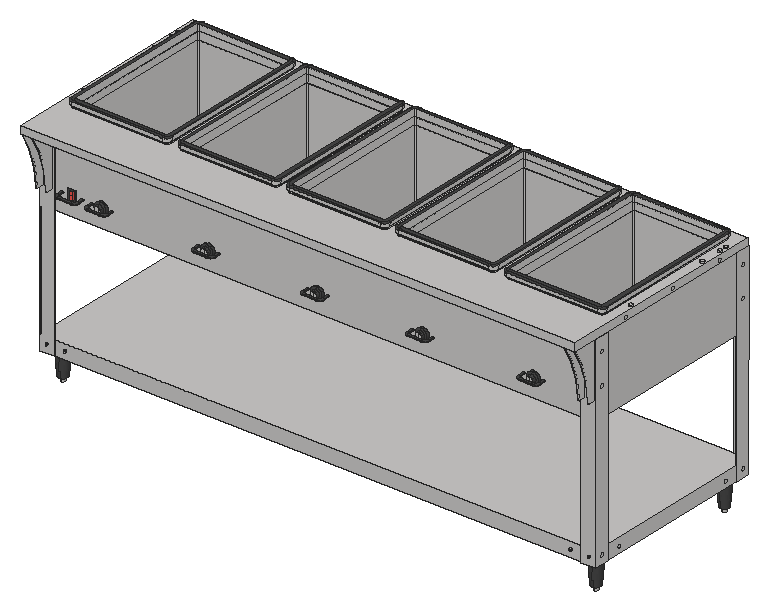
Revit family "QF_VOLLRATH_38219_SERVEWELL_SL_HOT_FOOD_TABLE", category Specialty Equipment, Revit 2022 (continued)
Definition of nested family "QF_VOLLRATH_38203"
  Automatic sketch dimensions
    Extrusion 3 sketch curve to plane 1 "BACK" = 1/16"  (x2)
    plane 4 "RIGHT" to Extrusion 3 sketch curve = 1 15/16"  (x2)
    Extrusion 3 sketch curve to plane 4 "RIGHT" = 1/16"  (x2)
    Extrusion 3 sketch curve to Extrusion 3 sketch curve = 1 15/16"
    plane 10 to Extrusion 3 sketch curve = 1 15/16"
    plane 1 "BACK" to Extrusion 3 sketch curve = 1 15/16"  (x2)
    plane 1 "BACK" to Extrusion 4 sketch curve = 0"
    Extrusion 4 sketch curve to plane 4 "RIGHT" = 0"
    Extrusion 4 sketch curve to plane 3 "LEFT" = 0"
    Extrusion 4 sketch curve to plane 10 = 0"
    plane 12 to Sweep 5 sketch curve = 0.008"
    plane 12 to Sweep 5 sketch curve = 0.508"  (x2)
    plane 10 to Sweep 5 sketch curve = 3.10363"
    Sweep 5 sketch curve to Sweep 5 sketch curve = 12 13/32"  (x2)
    plane 1 "BACK" to Sweep 5 sketch curve = 1.14637"
    Sweep 5 sketch curve to Sweep 5 sketch curve = 1/2"
    Sweep 5 sketch curve to profile plane = 0"
    profile plane to Sweep 5 sketch curve = 1/32"
    Sweep 5 sketch curve to Sweep 5 sketch curve = 11/32"
    Sweep 5 sketch curve to profile plane = 0.08859"
    Sweep 5 sketch curve to profile plane = 0.21124"
    Sweep 5 sketch curve to Sweep 5 sketch curve = 0.00751"
    level to Sweep 5 sketch curve = 21 225/256"
    Sweep 5 sketch curve to Sweep 5 sketch curve = 11.21753"
    Sweep 5 sketch curve to Sweep 5 sketch curve = 0.19131"
    Sweep 5 sketch curve to Sweep 5 sketch curve = 0.43234"
    plane 5 "FRONT" to Extrusion 6 sketch curve = 13.4333"
    Extrusion 6 sketch curve to plane 5 "FRONT" = 0.11477"
    Extrusion 6 sketch curve to plane 10 = 0.80842"
    Extrusion 6 sketch curve to plane 10 = 1/16"
    Extrusion 6 sketch curve to plane 6 "TOP" = 10.27256"
    Extrusion 6 sketch curve to plane 6 "TOP" = 9.59817"
    Extrusion 6 sketch curve to Extrusion 6 sketch curve = 1/4"
    Extrusion 6 sketch curve to plane 6 "TOP" = 1.94773"
    plane 5 "FRONT" to Extrusion 7 sketch curve = 13.4333"
    Extrusion 7 sketch curve to plane 5 "FRONT" = 0.11477"
    Extrusion 7 sketch curve to plane 10 = 0.80842"
    Extrusion 7 sketch curve to plane 10 = 1/16"
    Extrusion 7 sketch curve to plane 6 "TOP" = 10.27256"
    Extrusion 7 sketch curve to plane 6 "TOP" = 9.59817"
    Extrusion 7 sketch curve to Extrusion 7 sketch curve = 1/4"
    Extrusion 7 sketch curve to plane 6 "TOP" = 1.94773"
    Revolve 8 sketch curve to plane 10 = 0"
    Revolve 8 sketch curve to plane 10 = 0.30475"
    Revolve 8 sketch curve to Revolve 8 sketch curve = 0.13723"
    Revolve 8 sketch curve to Revolve 8 sketch curve = 0.30802"
    Revolve 8 sketch curve to plane 6 "TOP" = 9.55549"
    Revolve 8 sketch curve to Revolve 8 sketch curve = 0.41678"
    Revolve 8 sketch curve to Revolve 8 sketch curve = 0.08253"
    Revolve 8 sketch curve to Revolve 8 sketch curve = 0.3109"
    Revolve 8 sketch curve to plane 10 = 0.12717"
    Revolve 8 sketch curve to Revolve 8 sketch curve = 1/16"
    Revolve 8 sketch curve to Revolve 8 sketch curve = 0"
    Sweep 9 sketch curve to plane 10 = 0"  (x2)
    Sweep 9 sketch curve to plane 10 = 0.83521"
    plane 12 to Sweep 9 sketch curve = 5 1/2"
    Sweep 9 sketch curve to Sweep 9 sketch curve = 0.41479"
    Sweep 9 sketch curve to plane 10 = 107/128"
    Sweep 9 sketch curve to Sweep 9 sketch curve = 1.92114"
    Sweep 9 sketch curve to profile plane = 0"
    level to Sweep 9 sketch curve = 24 7/16"
    Revolve 10 sketch curve to plane 10 = 0"
    Revolve 10 sketch curve to plane 10 = 0.30475"
    Revolve 10 sketch curve to Revolve 10 sketch curve = 0.13723"
    Revolve 10 sketch curve to Revolve 10 sketch curve = 0.30802"
    Revolve 10 sketch curve to plane 6 "TOP" = 9.55549"
    Revolve 10 sketch curve to Revolve 10 sketch curve = 0.41678"
    Revolve 10 sketch curve to Revolve 10 sketch curve = 0.08253"
    Revolve 10 sketch curve to Revolve 10 sketch curve = 0.3109"
    Revolve 10 sketch curve to plane 10 = 0.12717"
    Revolve 10 sketch curve to Revolve 10 sketch curve = 1/16"
    Revolve 10 sketch curve to Revolve 10 sketch curve = 0"
    Sweep 11 sketch curve to plane 10 = 0"  (x2)
    Sweep 11 sketch curve to plane 10 = 0.83521"
    Sweep 11 sketch curve to plane 7 "Center Y" = 16.37852"
    Sweep 11 sketch curve to Sweep 11 sketch curve = 0.41479"
    Sweep 11 sketch curve to plane 10 = 107/128"
    Sweep 11 sketch curve to Sweep 11 sketch curve = 1.92114"
    Sweep 11 sketch curve to profile plane = 0"
    level to Sweep 11 sketch curve = 24 7/16"
    Revolve 12 sketch curve to plane 10 = 0"
    Revolve 12 sketch curve to plane 10 = 0.30475"
    Revolve 12 sketch curve to Revolve 12 sketch curve = 0.13723"
    Revolve 12 sketch curve to Revolve 12 sketch curve = 0.30802"
    Revolve 12 sketch curve to plane 6 "TOP" = 8.74527"
    Revolve 12 sketch curve to Revolve 12 sketch curve = 0.3109"
    Revolve 12 sketch curve to Revolve 12 sketch curve = 0.08253"
    Revolve 12 sketch curve to Revolve 12 sketch curve = 0.41678"
    Revolve 12 sketch curve to plane 10 = 0.12717"
    Revolve 12 sketch curve to Revolve 12 sketch curve = 1/16"
    Revolve 12 sketch curve to Revolve 12 sketch curve = 0"
    Sweep 13 sketch curve to plane 10 = 0"  (x2)
    Sweep 13 sketch curve to plane 10 = 0.83521"
    plane 7 "Center Y" to Sweep 13 sketch curve = 15 11/16"
    Sweep 13 sketch curve to Sweep 13 sketch curve = 0.41479"
    Sweep 13 sketch curve to plane 10 = 107/128"
    Sweep 13 sketch curve to Sweep 13 sketch curve = 1.92114"
    Sweep 13 sketch curve to profile plane = 0"
    level to Sweep 13 sketch curve = 24 7/16"
    Extrusion 2 to Extrusion 14 sketch curve = 1.87224"
    Extrusion 2 to Extrusion 14 sketch curve = 3.81326"
    Extrusion 14 sketch curve to Extrusion 14 sketch curve = 0.29169"
    Extrusion 14 sketch curve to Extrusion 14 sketch curve = 0.41524"
    Extrusion 14 sketch curve to Extrusion 14 sketch curve = 0.29307"
    Extrusion 14 sketch curve to Extrusion 14 sketch curve = 0.27955"
    Extrusion 14 sketch curve to Extrusion 14 sketch curve = 1 1/64"
    Extrusion 14 sketch curve to Extrusion 14 sketch curve = 0.20483"
    Extrusion 15 sketch curve to Extrusion 14 = 0"  (x2)
    Extrusion 15 sketch curve to Extrusion 14 = 0.06481"
    Extrusion 15 sketch curve to Extrusion 14 = 0.46361"
    Extrusion 14 to Extrusion 15 sketch curve = 0.00006"
    Extrusion 15 sketch curve to Extrusion 14 = 0.14238"
    Sweep 16 sketch curve to plane 10 = 0"  (x2)
    Sweep 16 sketch curve to plane 10 = 0.83521"
    plane 12 to Sweep 16 sketch curve = 1 15/32"
    Sweep 16 sketch curve to Sweep 16 sketch curve = 0.41479"
    Sweep 16 sketch curve to plane 10 = 107/128"
    Sweep 16 sketch curve to Sweep 16 sketch curve = 1.92114"
    Sweep 16 sketch curve to profile plane = 0"
    level to Sweep 16 sketch curve = 24 7/16"
    Split face 1 sketch curve to cut or joined group of Extrusion 2, Extrusion 3, Extrusion 4 = 4.12648"
    Split face 1 sketch curve to Split face 1 sketch curve = 7/16"
    cut or joined group of Extrusion 2, Extrusion 3, Extrusion 4 to Split face 1 sketch curve = 7.43183"
    Split face 1 sketch curve to Split face 1 sketch curve = 1"
    Split face 2 sketch curve to cut or joined group of Extrusion 2, Extrusion 3, Extrusion 4 = 3.3811"
    cut or joined group of Extrusion 2, Extrusion 3, Extrusion 4 to Split face 2 sketch curve = 7.88431"
    Split face 3 sketch curve to cut or joined group of Extrusion 2, Extrusion 3, Extrusion 4 = 4.12648"
    Split face 3 sketch curve to Split face 3 sketch curve = 7/16"
    cut or joined group of Extrusion 2, Extrusion 3, Extrusion 4 to Split face 3 sketch curve = 35.50567"
    Split face 3 sketch curve to Split face 3 sketch curve = 1"
    Split face 4 sketch curve to Split face 4 sketch curve = 0"  (x2)
    Split face 4 sketch curve to cut or joined group of Extrusion 2, Extrusion 3, Extrusion 4 = 3.3811"
    cut or joined group of Extrusion 2, Extrusion 3, Extrusion 4 to Split face 4 sketch curve = 35.02194"
    Split face 4 sketch curve to Split face 4 sketch curve = 0.16586"
    Split face 5 sketch curve to cut or joined group of Extrusion 2, Extrusion 3, Extrusion 4 = 4.12648"
    Split face 5 sketch curve to Split face 5 sketch curve = 7/16"
    cut or joined group of Extrusion 2, Extrusion 3, Extrusion 4 to Split face 5 sketch curve = 20.88067"
    Split face 5 sketch curve to Split face 5 sketch curve = 1"
    Split face 6 sketch curve to Split face 6 sketch curve = 0"  (x2)
    Split face 6 sketch curve to cut or joined group of Extrusion 2, Extrusion 3, Extrusion 4 = 3.3811"
    cut or joined group of Extrusion 2, Extrusion 3, Extrusion 4 to Split face 6 sketch curve = 20.38132"
    Split face 6 sketch curve to Split face 6 sketch curve = 0.16586"
    Split face 7 sketch curve to cut or joined group of Extrusion 2, Extrusion 3, Extrusion 4 = 3.21492"
    Split face 7 sketch curve to Split face 7 sketch curve = 3/32"  (x2)
    Split face 7 sketch curve to Split face 7 sketch curve = 1 1/8"
    Split face 7 sketch curve to Split face 7 sketch curve = 1.12522"
    Split face 7 sketch curve to Split face 7 sketch curve = 0.09353"
    cut or joined group of Extrusion 2, Extrusion 3, Extrusion 4 to Split face 7 sketch curve = 11.9592"
    Split face 7 sketch curve to Split face 7 sketch curve = 3 15/16"
    Extrusion 17 sketch curve to Extrusion 1 = 0.56824"
    Extrusion 17 sketch curve to Extrusion 1 = 0.53699"
    Extrusion 17 sketch curve to Extrusion 1 = 0.50498"  (x2)
    Extrusion 1 to Extrusion 17 sketch curve = 1.56685"
    Extrusion 17 sketch curve to Extrusion 17 sketch curve = 1.04512"
    Extrusion 17 sketch curve to Extrusion 17 sketch curve = 2.99589"
    Extrusion 1 to Extrusion 17 sketch curve = 3.29839"
    Extrusion 2 to Extrusion 18 sketch curve = 1.4413"
    Extrusion 18 sketch curve to Extrusion 2 = 2.52553"
    Extrusion 19 sketch curve to Extrusion 2 = 2.89711"  (x5)
    Extrusion 19 sketch curve to Extrusion 2 = 6.24577"  (x2)
    Extrusion 19 sketch curve to Extrusion 2 = 6.06673"  (x2)
    Extrusion 19 sketch curve to Extrusion 2 = 6 23/64"
    plane 12 to Extrusion 20 sketch curve = 6.61974"
    Extrusion 20 sketch curve to Extrusion 20 sketch curve = 0.03954"
    Extrusion 20 sketch curve to Extrusion 20 sketch curve = 0.07808"
    Extrusion 20 sketch curve to Extrusion 20 sketch curve = 9/64"
    Extrusion 20 sketch curve to Extrusion 20 sketch curve = 0.29046"
    Extrusion 20 sketch curve to Extrusion 20 sketch curve = 0.10409"
    plane 11 to Extrusion 20 sketch curve = 13 225/256"
    Extrusion 20 sketch curve to Extrusion 20 sketch curve = 0.77431"
    Extrusion 20 sketch curve to Extrusion 20 sketch curve = 0.00199"
    Extrusion 20 sketch curve to Extrusion 20 sketch curve = 0.23749"
    Extrusion 20 sketch curve to Extrusion 20 sketch curve = 0"
    Extrusion 20 sketch curve to Extrusion 20 sketch curve = 0.25882"
    plane 12 to Extrusion 21 sketch curve = 6.80179"
    Extrusion 21 sketch curve to plane 6 "TOP" = 13.11387"
    Extrusion 22 sketch curve to plane 7 "Center Y" = 15.35985"
    Extrusion 22 sketch curve to Extrusion 22 sketch curve = 0.03954"
    Extrusion 22 sketch curve to Extrusion 22 sketch curve = 0.07808"
    Extrusion 22 sketch curve to Extrusion 22 sketch curve = 9/64"
    Extrusion 22 sketch curve to Extrusion 22 sketch curve = 0.29046"
    Extrusion 22 sketch curve to Extrusion 22 sketch curve = 0.10409"
    plane 11 to Extrusion 22 sketch curve = 13 225/256"
    Extrusion 22 sketch curve to Extrusion 22 sketch curve = 0.77431"
    Extrusion 22 sketch curve to Extrusion 22 sketch curve = 0.00199"
    Extrusion 22 sketch curve to Extrusion 22 sketch curve = 0.23749"
    Extrusion 22 sketch curve to Extrusion 22 sketch curve = 0"
    Extrusion 22 sketch curve to Extrusion 22 sketch curve = 0.25882"
    Extrusion 23 sketch curve to plane 7 "Center Y" = 15.17099"
    Extrusion 23 sketch curve to plane 6 "TOP" = 13.11387"
    plane 7 "Center Y" to Extrusion 24 sketch curve = 14.9905"
    Extrusion 24 sketch curve to Extrusion 24 sketch curve = 0.03954"
    Extrusion 24 sketch curve to Extrusion 24 sketch curve = 0.11762"
    Extrusion 24 sketch curve to Extrusion 24 sketch curve = 9/64"
    Extrusion 24 sketch curve to Extrusion 24 sketch curve = 0.29046"
    Extrusion 24 sketch curve to Extrusion 24 sketch curve = 0.10409"
    plane 11 to Extrusion 24 sketch curve = 13 225/256"
    Extrusion 24 sketch curve to Extrusion 24 sketch curve = 0.77431"
    Extrusion 24 sketch curve to Extrusion 24 sketch curve = 0.00199"
    Extrusion 24 sketch curve to Extrusion 24 sketch curve = 0.23749"
    Extrusion 24 sketch curve to Extrusion 24 sketch curve = 0"
    Extrusion 24 sketch curve to Extrusion 24 sketch curve = 0.25882"
    plane 7 "Center Y" to Extrusion 25 sketch curve = 15.17255"
    Extrusion 25 sketch curve to plane 6 "TOP" = 13.11387"
    Extrusion 1 to Extrusion 26 sketch curve = 0.93013"  (x3)
    Extrusion 26 sketch curve to Extrusion 26 sketch curve = 2.99269"
    Extrusion 1 to Extrusion 26 sketch curve = 0.52024"  (x3)
    Extrusion 26 sketch curve to Extrusion 26 sketch curve = 4.0321"
    Extrusion 26 sketch curve to Extrusion 26 sketch curve = 8"  (x2)
    Extrusion 1 to Extrusion 26 sketch curve = 7.39159"
    Extrusion 1 to Extrusion 26 sketch curve = 4.40301"
    Extrusion 26 sketch curve to Extrusion 1 = 1.81291"
    Extrusion 26 sketch curve to Extrusion 26 sketch curve = 0"
    Extrusion 26 sketch curve to Extrusion 26 sketch curve = 2.98858"
    Extrusion 26 sketch curve to Extrusion 1 = 1.79886"
    Extrusion 26 sketch curve to Extrusion 26 sketch curve = 4.15231"
    Extrusion 26 sketch curve to Extrusion 26 sketch curve = 4 1/4"
    Extrusion 26 sketch curve to Extrusion 26 sketch curve = 20 3/4"
    Extrusion 26 sketch curve to Extrusion 26 sketch curve = 20.91394"
    Extrusion 26 sketch curve to Extrusion 26 sketch curve = 0.26147"
    Extrusion 26 sketch curve to Extrusion 26 sketch curve = 0.20927"
    plane 1 "BACK" to Extrusion 27 sketch curve = 0.93013"  (x3)
    plane 9 to Extrusion 27 sketch curve = 0.97789"  (x2)
    Extrusion 27 sketch curve to Extrusion 27 sketch curve = 2.99269"
    Extrusion 27 sketch curve to plane 6 "TOP" = 1.42378"  (x3)
    Extrusion 27 sketch curve to Extrusion 27 sketch curve = 4.0321"
    plane 8 "Center X" to Extrusion 27 sketch curve = 1.78778"
    plane 13 to Extrusion 27 sketch curve = 2.81572"
    plane 10 to Extrusion 27 sketch curve = 3.89159"
    plane 10 to Extrusion 27 sketch curve = 0.90301"  (x3)
    Extrusion 27 sketch curve to plane 11 = 0.81284"
    Extrusion 27 sketch curve to plane 11 = 0.76064"
    Extrusion 27 sketch curve to plane 6 "TOP" = 8.01064"
    Extrusion 27 sketch curve to Extrusion 27 sketch curve = 6.47512"
    Extrusion 27 sketch curve to plane 6 "TOP" = 3.76064"
    Extrusion 27 sketch curve to plane 6 "TOP" = 3.74659"
    Revolve 29 sketch curve to plane 9 = 0"
    Revolve 29 sketch curve to level = 0"
    plane 10 to Revolve 29 sketch curve = 1.00812"
    level to Revolve 29 sketch curve = 9/16"
    plane 10 to Revolve 29 sketch curve = 1.30886"
    Revolve 29 sketch curve to Revolve 29 sketch curve = 0.34739"
    Revolve 29 sketch curve to Revolve 29 sketch curve = 9/32"  (x2)
    Revolve 29 sketch curve to Revolve 29 sketch curve = 1/4"
    Revolve 29 sketch curve to Revolve 29 sketch curve = 1/16"
    Revolve 30 sketch curve to plane 9 = 0"
    Revolve 30 sketch curve to level = 0"
    plane 1 "BACK" to Revolve 30 sketch curve = 1.13312"
    level to Revolve 30 sketch curve = 9/16"
    plane 1 "BACK" to Revolve 30 sketch curve = 1.43386"
    Revolve 30 sketch curve to Revolve 30 sketch curve = 0.34739"
    Revolve 30 sketch curve to Revolve 30 sketch curve = 9/32"  (x2)
    Revolve 30 sketch curve to Revolve 30 sketch curve = 1/16"
    Revolve 30 sketch curve to Revolve 30 sketch curve = 1/4"
    plane 13 to Blend 31 sketch curve = 0"
    plane 12 to Blend 31 sketch curve = 4.43727"
    Blend 31 sketch curve to plane 12 = 0.06273"
    plane 10 to Blend 31 sketch curve = 2.97336"
    plane 13 to Blend 31 sketch curve = 1/2"
    plane 12 to Blend 31 sketch curve = 3.93727"
    plane 12 to Blend 31 sketch curve = 0.43727"
    plane 10 to Blend 31 sketch curve = 3.47336"
    plane 12 to Blend 32 sketch curve = 4.43727"
    Blend 32 sketch curve to plane 12 = 0.06273"
    plane 1 "BACK" to Blend 32 sketch curve = 2.98976"
    Blend 32 sketch curve to Blend 32 sketch curve = 4.88014"
    plane 12 to Blend 32 sketch curve = 3.93727"
    plane 12 to Blend 32 sketch curve = 0.43727"
    plane 1 "BACK" to Blend 32 sketch curve = 3.48976"
    Blend 32 sketch curve to Blend 32 sketch curve = 3.88014"
    plane 7 "Center Y" to Extrusion 33 sketch curve = 0.18117"
    plane 7 "Center Y" to Extrusion 33 sketch curve = 0.14163"
    plane 7 "Center Y" to Extrusion 33 sketch curve = 0.06355"
    Extrusion 33 sketch curve to plane 7 "Center Y" = 0.07708"
    Extrusion 33 sketch curve to plane 7 "Center Y" = 0.14883"
    Extrusion 33 sketch curve to plane 7 "Center Y" = 0.18117"
    Extrusion 33 sketch curve to plane 6 "TOP" = 12.62787"
    Extrusion 33 sketch curve to Extrusion 33 sketch curve = 0.25212"
    Extrusion 33 sketch curve to Extrusion 33 sketch curve = 0.25882"
    Extrusion 33 sketch curve to Extrusion 33 sketch curve = 0.2273"
    Extrusion 33 sketch curve to Extrusion 33 sketch curve = 0"
    Extrusion 33 sketch curve to Extrusion 33 sketch curve = 0.77431"
    plane 7 "Center Y" to Extrusion 34 sketch curve = 15.18237"
    Extrusion 34 sketch curve to plane 6 "TOP" = 13.11387"
    Extrusion 35 sketch curve to plane 7 "Center Y" = 0.00769"
    Extrusion 35 sketch curve to plane 6 "TOP" = 13.11387"
    Revolve 36 sketch curve to plane 10 = 0"
    Revolve 36 sketch curve to plane 10 = 0.30475"
    Revolve 36 sketch curve to Revolve 36 sketch curve = 0.13723"
    Revolve 36 sketch curve to Revolve 36 sketch curve = 0.30802"
    Revolve 36 sketch curve to plane 6 "TOP" = 8.74527"
    Revolve 36 sketch curve to Revolve 36 sketch curve = 0.3109"
    Revolve 36 sketch curve to Revolve 36 sketch curve = 0.08253"
    Revolve 36 sketch curve to Revolve 36 sketch curve = 0.41678"
    Revolve 36 sketch curve to plane 10 = 0.12717"
    Revolve 36 sketch curve to Revolve 36 sketch curve = 1/16"
    Revolve 36 sketch curve to Revolve 36 sketch curve = 0"
    Split face 8 sketch curve to cut or joined group of Extrusion 2, Extrusion 3, Extrusion 4 = 4.12648"
    Split face 8 sketch curve to Split face 8 sketch curve = 7/16"
    cut or joined group of Extrusion 2, Extrusion 3, Extrusion 4 to Split face 8 sketch curve = 22.05683"
    Split face 8 sketch curve to Split face 8 sketch curve = 1"
    Split face 9 sketch curve to Split face 9 sketch curve = 0"  (x2)
    Split face 9 sketch curve to cut or joined group of Extrusion 2, Extrusion 3, Extrusion 4 = 3.3811"
    cut or joined group of Extrusion 2, Extrusion 3, Extrusion 4 to Split face 9 sketch curve = 22.52331"
    Split face 9 sketch curve to Split face 9 sketch curve = 0.16586"
    Revolve 37 sketch curve to plane 9 = 0"
    Revolve 37 sketch curve to level = 0"
    plane 10 to Revolve 37 sketch curve = 1.00812"
    level to Revolve 37 sketch curve = 9/16"
    plane 10 to Revolve 37 sketch curve = 1.30886"
    Revolve 37 sketch curve to Revolve 37 sketch curve = 0.34739"
    Revolve 37 sketch curve to Revolve 37 sketch curve = 9/32"  (x2)
    Revolve 37 sketch curve to Revolve 37 sketch curve = 1/16"
    Revolve 37 sketch curve to Revolve 37 sketch curve = 1/4"
    Revolve 38 sketch curve to plane 9 = 0"
    Revolve 38 sketch curve to level = 0"
    plane 1 "BACK" to Revolve 38 sketch curve = 1.13312"
    level to Revolve 38 sketch curve = 9/16"
    plane 1 "BACK" to Revolve 38 sketch curve = 1.43386"
    Revolve 38 sketch curve to Revolve 38 sketch curve = 0.34739"
    Revolve 38 sketch curve to Revolve 38 sketch curve = 9/32"  (x2)
    Revolve 38 sketch curve to level = 1/4"
    Revolve 38 sketch curve to Revolve 38 sketch curve = 1/16"
    plane 13 to Blend 39 sketch curve = 0"
    plane 4 "RIGHT" to Blend 39 sketch curve = 5.93727"
    plane 4 "RIGHT" to Blend 39 sketch curve = 1.43727"
    plane 10 to Blend 39 sketch curve = 2.97336"
    plane 13 to Blend 39 sketch curve = 1/2"
    plane 4 "RIGHT" to Blend 39 sketch curve = 5.43727"
    plane 4 "RIGHT" to Blend 39 sketch curve = 1.93727"
    plane 10 to Blend 39 sketch curve = 3.47336"
    plane 4 "RIGHT" to Blend 40 sketch curve = 5.93727"
    plane 4 "RIGHT" to Blend 40 sketch curve = 1.43727"
    plane 8 "Center X" to Blend 40 sketch curve = 6.8801"
    plane 1 "BACK" to Blend 40 sketch curve = 2.98976"
    plane 4 "RIGHT" to Blend 40 sketch curve = 5.43727"
    plane 4 "RIGHT" to Blend 40 sketch curve = 1.93727"
    plane 1 "BACK" to Blend 40 sketch curve = 7.3699"
    plane 1 "BACK" to Blend 40 sketch curve = 3.48976"
    plane 5 "FRONT" to Extrusion 41 sketch curve = 13.4333"
    Extrusion 41 sketch curve to plane 5 "FRONT" = 0.11477"
    Extrusion 41 sketch curve to plane 10 = 0.80842"
    Extrusion 41 sketch curve to plane 10 = 1/16"
    Extrusion 41 sketch curve to plane 6 "TOP" = 1.94773"
    Extrusion 41 sketch curve to Extrusion 41 sketch curve = 7.40044"
    Extrusion 41 sketch curve to Extrusion 41 sketch curve = 1/4"
    Extrusion 41 sketch curve to plane 6 "TOP" = 10.27256"
    plane 5 "FRONT" to Extrusion 42 sketch curve = 13.4333"
    Extrusion 42 sketch curve to plane 5 "FRONT" = 0.11477"
    Extrusion 42 sketch curve to plane 10 = 0.80842"
    Extrusion 42 sketch curve to plane 10 = 1/16"
    Extrusion 42 sketch curve to plane 6 "TOP" = 1.94773"
    Extrusion 42 sketch curve to Extrusion 42 sketch curve = 7.40044"
    Extrusion 42 sketch curve to Extrusion 42 sketch curve = 1/4"
    Extrusion 42 sketch curve to plane 6 "TOP" = 10.27256"
    plane 10 to Sweep 43 sketch curve = 3.60363"
    plane 12 to Sweep 43 sketch curve = 14.91425"
    Sweep 43 sketch curve to Sweep 43 sketch curve = 1/2"  (x3)
    Sweep 43 sketch curve to plane 7 "Center Y" = 8.6795"  (x2)
    plane 1 "BACK" to Sweep 43 sketch curve = 1.14637"
    Sweep 43 sketch curve to profile plane = 0"
    profile plane to Sweep 43 sketch curve = 1/32"
    Sweep 43 sketch curve to Sweep 43 sketch curve = 11/32"
    Sweep 43 sketch curve to profile plane = 0.08859"
    Sweep 43 sketch curve to profile plane = 0.21124"
    Sweep 43 sketch curve to Sweep 43 sketch curve = 0.00751"
    level to Sweep 43 sketch curve = 21 225/256"
    Sweep 43 sketch curve to Sweep 43 sketch curve = 11.21753"
    Sweep 43 sketch curve to Sweep 43 sketch curve = 0.19131"
    Sweep 43 sketch curve to Sweep 43 sketch curve = 0.43234"
    plane 10 to Sweep 44 sketch curve = 3.60363"
    Sweep 44 sketch curve to plane 7 "Center Y" = 6 45/64"
    Sweep 44 sketch curve to Sweep 44 sketch curve = 1/2"  (x3)
    plane 7 "Center Y" to Sweep 44 sketch curve = 6 13/64"  (x2)
    plane 1 "BACK" to Sweep 44 sketch curve = 1.14637"
    Sweep 44 sketch curve to profile plane = 0"
    profile plane to Sweep 44 sketch curve = 1/32"
    Sweep 44 sketch curve to Sweep 44 sketch curve = 11/32"
    Sweep 44 sketch curve to profile plane = 0.08859"
    Sweep 44 sketch curve to profile plane = 0.21124"
    Sweep 44 sketch curve to Sweep 44 sketch curve = 0.00751"
    level to Sweep 44 sketch curve = 21 225/256"
    Sweep 44 sketch curve to Sweep 44 sketch curve = 11.21753"
    Sweep 44 sketch curve to Sweep 44 sketch curve = 0.19131"
    Sweep 44 sketch curve to Sweep 44 sketch curve = 0.43234"
    plane 4 "RIGHT" to Sweep 45 sketch curve = 1.508"
    Sweep 45 sketch curve to Sweep 45 sketch curve = 1/2"  (x3)
    plane 10 to Sweep 45 sketch curve = 3.10363"
    Sweep 45 sketch curve to Sweep 45 sketch curve = 12 13/32"  (x2)
    plane 1 "BACK" to Sweep 45 sketch curve = 1.14637"
    Sweep 45 sketch curve to profile plane = 0"
    profile plane to Sweep 45 sketch curve = 0.08859"
    profile plane to Sweep 45 sketch curve = 0.21124"
    Sweep 45 sketch curve to Sweep 45 sketch curve = 0.00751"
    Sweep 45 sketch curve to profile plane = 1/32"
    Sweep 45 sketch curve to profile plane = 11/32"
    level to Sweep 45 sketch curve = 21 225/256"
    Sweep 45 sketch curve to Sweep 45 sketch curve = 11.21753"
    Sweep 45 sketch curve to Sweep 45 sketch curve = 0.19131"
    Sweep 45 sketch curve to Sweep 45 sketch curve = 0.43234"
    plane 10 to Sweep 46 sketch curve = 3.60363"
    plane 4 "RIGHT" to Sweep 46 sketch curve = 16.41425"
    Sweep 46 sketch curve to Sweep 46 sketch curve = 1/2"  (x3)
    plane 7 "Center Y" to Sweep 46 sketch curve = 8.6795"  (x2)
    plane 1 "BACK" to Sweep 46 sketch curve = 1.14637"
    Sweep 46 sketch curve to profile plane = 0"
    profile plane to Sweep 46 sketch curve = 0.08859"
    profile plane to Sweep 46 sketch curve = 0.21124"
    Sweep 46 sketch curve to Sweep 46 sketch curve = 0.00751"
    Sweep 46 sketch curve to profile plane = 1/32"
    Sweep 46 sketch curve to profile plane = 11/32"
    level to Sweep 46 sketch curve = 21 225/256"
    Sweep 46 sketch curve to Sweep 46 sketch curve = 11.21753"
    Sweep 46 sketch curve to Sweep 46 sketch curve = 0.19131"
    Sweep 46 sketch curve to Sweep 46 sketch curve = 0.43234"
    plane 4 "RIGHT" to Extrusion 47 sketch curve = 8.5095"
    Extrusion 47 sketch curve to Extrusion 47 sketch curve = 0.03954"
    Extrusion 47 sketch curve to Extrusion 47 sketch curve = 0.11762"
    Extrusion 47 sketch curve to Extrusion 47 sketch curve = 9/64"
    Extrusion 47 sketch curve to Extrusion 47 sketch curve = 0.29046"
    Extrusion 47 sketch curve to Extrusion 47 sketch curve = 0.10409"
    plane 11 to Extrusion 47 sketch curve = 13 225/256"
    Extrusion 47 sketch curve to Extrusion 47 sketch curve = 0.77431"
    Extrusion 47 sketch curve to Extrusion 47 sketch curve = 0.00199"
    Extrusion 47 sketch curve to Extrusion 47 sketch curve = 0.23749"
    Extrusion 47 sketch curve to Extrusion 47 sketch curve = 0"
    Extrusion 47 sketch curve to Extrusion 47 sketch curve = 0.25882"
    plane 4 "RIGHT" to Extrusion 48 sketch curve = 8.32745"
    Extrusion 48 sketch curve to plane 6 "TOP" = 13.11387"
    plane 4 "RIGHT" to Extrusion 49 sketch curve = 8.31763"
    Extrusion 49 sketch curve to plane 6 "TOP" = 13.11387"
    Sweep 50 sketch curve to plane 10 = 0"  (x2)
    Sweep 50 sketch curve to plane 10 = 0.83521"
    plane 4 "RIGHT" to Sweep 50 sketch curve = 7 1/16"
    Sweep 50 sketch curve to Sweep 50 sketch curve = 0.41479"
    Sweep 50 sketch curve to plane 10 = 107/128"
    Sweep 50 sketch curve to Sweep 50 sketch curve = 1.92114"
    Sweep 50 sketch curve to profile plane = 0"
    level to Sweep 50 sketch curve = 24 7/16"
    Revolve 51 sketch curve to plane 10 = 0"
    Revolve 51 sketch curve to plane 10 = 0.30475"
    Revolve 51 sketch curve to Revolve 51 sketch curve = 0.13723"
    Revolve 51 sketch curve to Revolve 51 sketch curve = 0.30802"
    Revolve 51 sketch curve to plane 6 "TOP" = 8.74527"
    Revolve 51 sketch curve to Revolve 51 sketch curve = 0.3109"
    Revolve 51 sketch curve to Revolve 51 sketch curve = 0.08253"
    Revolve 51 sketch curve to Revolve 51 sketch curve = 0.41678"
    Revolve 51 sketch curve to plane 10 = 0.12717"
    Revolve 51 sketch curve to Revolve 51 sketch curve = 1/16"
    Revolve 51 sketch curve to Revolve 51 sketch curve = 0"
    Split face 10 sketch curve to cut or joined group of Extrusion 2, Extrusion 3, Extrusion 4 = 4.12648"
    Split face 10 sketch curve to Split face 10 sketch curve = 7/16"
    cut or joined group of Extrusion 2, Extrusion 3, Extrusion 4 to Split face 10 sketch curve = 5.56817"
    Split face 10 sketch curve to Split face 10 sketch curve = 1"
    Sweep 52 sketch curve to plane 10 = 0"  (x2)
    Sweep 52 sketch curve to plane 10 = 0.83521"
    plane 7 "Center Y" to Sweep 52 sketch curve = 1.33794"
    Sweep 52 sketch curve to Sweep 52 sketch curve = 0.41479"
    Sweep 52 sketch curve to plane 7 "Center Y" = 0.99799"
    Sweep 52 sketch curve to Sweep 52 sketch curve = 53/128"
    Sweep 52 sketch curve to profile plane = 0"
    level to Sweep 52 sketch curve = 24 7/16"
    Split face 11 sketch curve to Split face 11 sketch curve = 0"  (x2)
    Split face 11 sketch curve to cut or joined group of Extrusion 2, Extrusion 3, Extrusion 4 = 3.3811"
    cut or joined group of Extrusion 2, Extrusion 3, Extrusion 4 to Split face 11 sketch curve = 5.13132"
    Split face 11 sketch curve to Split face 11 sketch curve = 0.16586"
    Extrusion 53 sketch curve to Extrusion 53 sketch curve = 0"  (x10)
    Extrusion 53 sketch curve to Extrusion 2 = 5/32"  (x7)
    Extrusion 53 sketch curve to Extrusion 2 = 2.89624"
    Extrusion 53 sketch curve to Extrusion 2 = 2.89711"  (x4)
    Extrusion 53 sketch curve to Extrusion 53 sketch curve = 5/32"  (x3)
    Extrusion 53 sketch curve to Extrusion 2 = 6.24577"
    Extrusion 53 sketch curve to Extrusion 2 = 6.06673"  (x2)
    Extrusion 53 sketch curve to Extrusion 2 = 6 23/64"
    Extrusion 53 sketch curve to Extrusion 2 = 6.24606"
    Extrusion 53 sketch curve to Extrusion 53 sketch curve = 1/2"  (x5)
    Extrusion 54 sketch curve to Extrusion 1 = 0.56824"
    Extrusion 54 sketch curve to Extrusion 1 = 0.53699"
    Extrusion 54 sketch curve to Extrusion 1 = 0.50498"  (x2)
    Extrusion 1 to Extrusion 54 sketch curve = 3.29839"
    Extrusion 1 to Extrusion 54 sketch curve = 5.60786"
    Extrusion 1 to Extrusion 54 sketch curve = 2.61197"
    Extrusion 54 sketch curve to Extrusion 54 sketch curve = 1.04512"
    plane 4 "RIGHT" to curve 32 = 0.56824"
    plane 13 to curve 32 = 1.10773"
    curve 31 to curve 31 = 1/4"
    plane 4 "RIGHT" to curve 33 = 0.53699"
    plane 1 "BACK" to curve 34 = 7.09798"
    curve 34 to curve 33 = 1/4"
    plane 4 "RIGHT" to curve 36 = 0.50498"
    curve 33 to curve 36 = 2.99589"
    curve 36 to curve 35 = 1/4"
    plane 4 "RIGHT" to curve 38 = 0.50498"
    curve 35 to curve 37 = 1.04512"
    curve 38 to curve 37 = 1/4"
    plane 10 to curve 43 = 3.60363"
    curve 43 to curve 31 = 14.31476"
    curve 43 to curve 42 = 23/32"
    curve 44 to curve 44 = 23/32"
    curve 46 to curve 38 = 1.25302"
    plane 4 "RIGHT" to curve 41 = 2.008"
    curve 40 to curve 39 = 23/32"
    plane 1 "BACK" to curve 43 = 1.64637"
    plane 13 to curve 47 = 1.50901"
    curve 42 to curve 47 = 6.08952"
    curve 48 to curve 47 = 1/2"
    curve 40 to curve 56 = 0"  (x2)
    curve 42 to curve 50 = 0"  (x2)
    curve 44 to curve 52 = 0"  (x2)
    curve 46 to curve 54 = 0"
    curve 51 to curve 52 = 5/32"
    plane 7 "Center Y" to curve 61 = 7.96075"
    curve 61 to curve 60 = 23/32"
    curve 62 to curve 62 = 23/32"
    plane 1 "BACK" to curve 63 = 0.92762"
    curve 63 to curve 43 = 1 25/32"
    curve 59 to curve 42 = 1 25/32"
    curve 58 to curve 57 = 23/32"
    plane 10 to curve 59 = 2.88488"
    curve 58 to curve 66 = 0"  (x2)
    curve 60 to curve 68 = 0"  (x2)
    curve 62 to curve 70 = 0"  (x2)
    curve 64 to curve 72 = 0"
    curve 69 to curve 68 = 5/32"
    plane 13 to curve 74 = 1.50901"
    curve 74 to curve 66 = 5.91048"
    curve 74 to curve 74 = 1/2"
    plane 1 "BACK" to curve 79 = 1.64637"
    curve 79 to plane 7 "Center Y" = 6 59/64"
    curve 79 to curve 80 = 23/32"
    curve 79 to curve 78 = 23/32"
    curve 82 to curve 61 = 1.75762"
    curve 77 to curve 60 = 1.75762"
    curve 76 to curve 75 = 23/32"
    curve 77 to curve 60 = 23/32"
    curve 76 to curve 84 = 0"  (x2)
    curve 78 to curve 86 = 0"  (x2)
    curve 80 to curve 88 = 0"  (x2)
    curve 82 to curve 90 = 0"
    curve 87 to curve 78 = 5/32"
    curve 91 to plane 7 "Center Y" = 0"
    plane 13 to curve 91 = 1.50901"
    curve 91 to curve 91 = 1/2"
    plane 13 to curve 94 = 1.50901"
    curve 29 to curve 94 = 7.69173"
    curve 94 to curve 93 = 1/2"
    curve 29 to curve 95 = 1 1/16"
    curve 95 to curve 97 = 23/32"
    curve 95 to curve 102 = 23/32"
    curve 98 to curve 79 = 1.75762"
    curve 101 to curve 78 = 1.75762"
    curve 98 to curve 99 = 23/32"
    curve 101 to curve 29 = 23/32"
    curve 29 to curve 95 = 0"
    curve 96 to curve 104 = 0"  (x2)
    curve 98 to curve 106 = 0"  (x2)
    curve 100 to curve 108 = 0"  (x2)
    curve 102 to curve 110 = 0"
    curve 103 to curve 104 = 5/32"
    plane 4 "RIGHT" to Extrusion 28 sketch curve = 0.87598"  (x3)
    Extrusion 28 sketch curve to plane 11 = 0.90649"  (x4)
    Extrusion 28 sketch curve to Extrusion 28 sketch curve = 2 1/2"
    plane 12 to Extrusion 28 sketch curve = 1.87598"
    Extrusion 28 sketch curve to plane 12 = 0.62402"  (x3)
    Extrusion 28 sketch curve to plane 6 "TOP" = 7.99051"  (x2)
    Extrusion 28 sketch curve to plane 6 "TOP" = 3.74051"  (x2)
    Extrusion 19 sketch curve to Extrusion 19 sketch curve = 0"  (x10)
    radius of Sweep 9 sketch curve = 1/8"
    radius of Sweep 11 sketch curve = 1/8"
    radius of Sweep 13 sketch curve = 1/8"
    radius of Sweep 16 sketch curve = 1/8"
    radius of Split face 2 sketch curve = 0.16586"
    radius of Extrusion 17 sketch curve = 1/4"  (x4)
    radius of Extrusion 18 sketch curve = 1/2"
    radius of Extrusion 19 sketch curve = 1/2"  (x5)
    radius of Extrusion 21 sketch curve = 1/4"
    radius of Extrusion 23 sketch curve = 1/4"
    radius of Extrusion 25 sketch curve = 1/4"
    radius of Extrusion 26 sketch curve = 0.17669"  (x11)
    radius of Extrusion 27 sketch curve = 0.17669"  (x11)
    radius of Extrusion 34 sketch curve = 1/4"
    radius of Extrusion 35 sketch curve = 1/4"
    radius of Extrusion 48 sketch curve = 1/4"
    radius of Extrusion 49 sketch curve = 1/4"
    radius of Sweep 50 sketch curve = 1/8"
    radius of Sweep 52 sketch curve = 1/8"
    radius of Extrusion 53 sketch curve to Extrusion 2 = 0"  (x10)
    radius of Extrusion 54 sketch curve = 1/4"  (x4)
    radius of Extrusion 28 sketch curve = 0.14866"  (x8)
    radius of Extrusion 19 sketch curve = 9/16"  (x5)
  Connectors (in)
    electrical at (4.37729, -23.99392, 21.75393)
      settings: on Extrusion 18, index 1, voltage 0 V, apparent load 0 VA, apparent load phase1 0 VA, apparent load phase2 0 VA, apparent load phase3 0 VA, power factor 1, load classification none, number of poles 1, system type 30, power factor state 1, is connector primary yes, connector utility no, sub classification motor no, connector description "ELECTRICAL CONNECTION"
